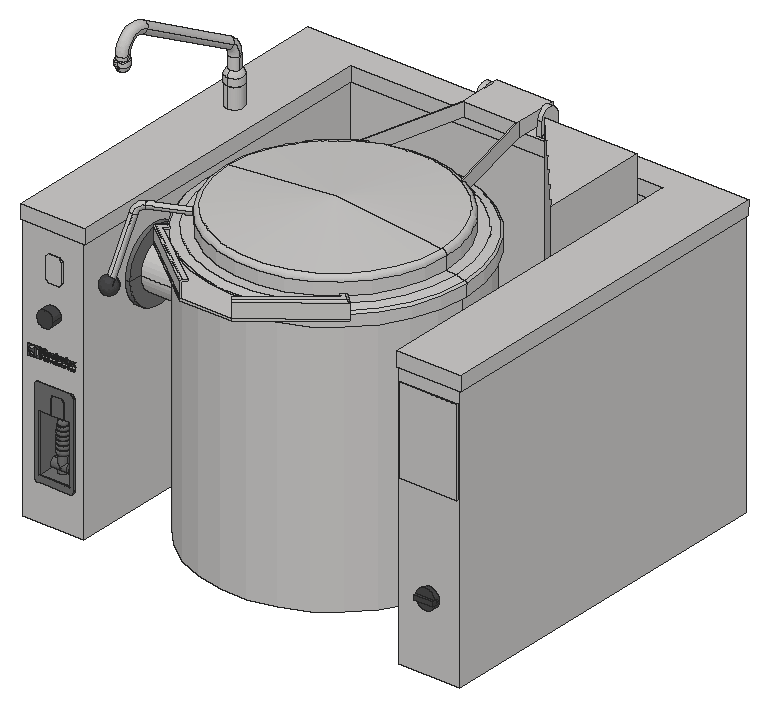
Revit family "QF_ELECTROLUXPROFESSIONAL_586914_PBOT06GCCS", category Specialty Equipment, Revit 2018 (continued)
Automatic sketch dimensions
  Extrusion 25 sketch curve to Extrusion 25 sketch curve = 0.297 mm  (x2)
  Extrusion 25 sketch curve to Extrusion 25 sketch curve = 2.359 mm
  Extrusion 25 sketch curve to Extrusion 25 sketch curve = 0.839 mm
  Extrusion 25 sketch curve to Extrusion 25 sketch curve = 0.892 mm  (x2)
  Extrusion 25 sketch curve to Extrusion 25 sketch curve = 0.563 mm
  Extrusion 25 sketch curve to Extrusion 25 sketch curve = 1.037 mm
  Extrusion 25 sketch curve to Extrusion 25 sketch curve = 0.531 mm  (x2)
  Extrusion 25 sketch curve to Extrusion 25 sketch curve = 0.068 mm  (x2)
  Extrusion 25 sketch curve to Extrusion 25 sketch curve = 0.203 mm
  Extrusion 25 sketch curve to Extrusion 25 sketch curve = 0.107 mm  (x2)
  Extrusion 25 sketch curve to Extrusion 25 sketch curve = 1.305 mm
  Extrusion 25 sketch curve to Extrusion 25 sketch curve = 1.058 mm
  Extrusion 25 sketch curve to Extrusion 25 sketch curve = 0.365 mm
  Extrusion 25 sketch curve to Extrusion 25 sketch curve = 0.15 mm  (x2)
  Extrusion 25 sketch curve to Extrusion 25 sketch curve = 0.475 mm
  Extrusion 25 sketch curve to Extrusion 25 sketch curve = 0.292 mm
  Extrusion 25 sketch curve to Extrusion 25 sketch curve = 0.434 mm  (x2)
  Extrusion 25 sketch curve to Extrusion 25 sketch curve = 0.385 mm  (x2)
  Extrusion 25 sketch curve to Extrusion 25 sketch curve = 2.117 mm
  Extrusion 25 sketch curve to Extrusion 25 sketch curve = 0.295 mm  (x2)
  Extrusion 25 sketch curve to Extrusion 25 sketch curve = 0.968 mm
  Extrusion 25 sketch curve to Extrusion 25 sketch curve = 3.826 mm
  Extrusion 25 sketch curve to Extrusion 25 sketch curve = 1.018 mm  (x2)
  Extrusion 25 sketch curve to Extrusion 25 sketch curve = 4.718 mm
  Extrusion 25 sketch curve to Extrusion 25 sketch curve = 2.967 mm
  Extrusion 25 sketch curve to Extrusion 25 sketch curve = 1.662 mm
  Extrusion 25 sketch curve to Extrusion 25 sketch curve = 1.626 mm  (x3)
  Extrusion 25 sketch curve to Extrusion 25 sketch curve = 1.65 mm
  Extrusion 25 sketch curve to Extrusion 25 sketch curve = 1.192 mm
  Extrusion 25 sketch curve to Extrusion 25 sketch curve = 2.57 mm  (x2)
  Extrusion 25 sketch curve to Extrusion 25 sketch curve = 3.444 mm  (x2)
  Extrusion 25 sketch curve to Extrusion 25 sketch curve = 1.343 mm  (x2)
  Extrusion 25 sketch curve to Extrusion 25 sketch curve = 1.353 mm  (x2)
  Extrusion 25 sketch curve to Extrusion 25 sketch curve = 0.027 mm  (x2)
  Extrusion 25 sketch curve to Extrusion 25 sketch curve = 0.395 mm  (x2)
  Extrusion 25 sketch curve to Extrusion 25 sketch curve = 0.329 mm  (x2)
  Extrusion 25 sketch curve to Extrusion 25 sketch curve = 0.425 mm  (x2)
  Extrusion 25 sketch curve to Extrusion 25 sketch curve = 0.051 mm  (x2)
  Extrusion 25 sketch curve to Extrusion 25 sketch curve = 0.495 mm  (x2)
  Extrusion 25 sketch curve to Extrusion 25 sketch curve = 0.267 mm  (x2)
  Extrusion 25 sketch curve to Extrusion 25 sketch curve = 1.4 mm
  Extrusion 25 sketch curve to Extrusion 25 sketch curve = 5.233 mm
  Extrusion 25 sketch curve to Extrusion 25 sketch curve = 2.062 mm
  plane 3 "LEFT" to Extrusion 26 sketch curve = 43.4 mm
  Extrusion 26 sketch curve to Extrusion 26 sketch curve = 82 mm
  Extrusion 26 sketch curve to plane 20 = 78.939 mm
  Extrusion 26 sketch curve to Extrusion 26 sketch curve = 195 mm
  radius of curve 43 = 25 mm
  radius of Extrusion 4 sketch curve = 10 mm
  radius of Extrusion 15 sketch curve = 25 mm
  radius of Extrusion 17 sketch curve = 20 mm
  radius of Extrusion 20 sketch curve = 6.35 mm  (x2)
  radius of Extrusion 20 sketch curve = 12.7 mm
  radius of Extrusion 25 sketch curve = 2.453 mm
  radius of Extrusion 25 sketch curve = 1.557 mm
  radius of Extrusion 25 sketch curve = 1.468 mm
  radius of Extrusion 25 sketch curve = 2.451 mm
Nested families
  nested 1: "Electrolux_Handle" at (303.162, -662.405, 8.398) x (0.9205, 0.3907, 0) z (0, 0, 1), type "Family1"
  nested 2: "QF_ELECTROLUXPROFESSIONAL_RubSprint" at (80, -230.346, 900), type "QF_ELECTROLUXPROFESSIONAL_RubSprint"
  nested 3: "QF_ELECTROLUXPROFESSIONAL_SprayGun" at (80.4, -737, 291.944), type "QF_ELECTROLUXPROFESSIONAL_SprayGun"
Connectors
  piping at (110.571, 100, 395), diameter 12.7
    settings: on Extrusion 20, index 1, connector inside diameter 1/2", connector length 0 mm, flow factor 0, pipe flow 0 GPM, pressure drop 0.00 psi, fitting loss kfactor 0, connector angle 0.00°, fixture units 0, engagement length 0 mm, angle of deflection 0.00°, flow configuration 1, flow direction 1, fitting loss method 0, system type 20, joint type 0, gender type 0, connector reference index -1, connector utility 0, adjustable connector no, is connector primary yes, connector description "Cold Water Supply"
  piping at (50, 100, 395), diameter 12.7
    settings: on Extrusion 20, index 2, connector inside diameter 1/2", connector length 0 mm, flow factor 0, pipe flow 0 GPM, pressure drop 0.00 psi, fitting loss kfactor 0, connector angle 0.00°, fixture units 0, engagement length 0 mm, angle of deflection 0.00°, flow configuration 1, flow direction 1, fitting loss method 0, system type 19, joint type 0, gender type 0, connector reference index -1, connector utility 0, adjustable connector no, is connector primary no, connector description "Hot Water Supply"
  electrical at (1020, 100, 450), driven by "Volts"
    settings: on Extrusion 4, index 3, voltage 230 V, apparent load 300 VA, apparent load phase1 0 VA, apparent load phase2 0 VA, apparent load phase3 0 VA, power factor 1, load classification "Other", number of poles 1, system type 30, power factor state 1, is connector primary yes, connector utility no, sub classification motor no, connector description "Electrical Connection"
  piping at (80.257, 100, 345), diameter 25.4
    settings: on Extrusion 20, index 4, connector inside diameter 1", connector length 0 mm, flow factor 0, pipe flow 0 GPM, pressure drop 0.00 psi, fitting loss kfactor 0, connector angle 0.00°, fixture units 0, engagement length 0 mm, angle of deflection 0.00°, flow configuration 1, flow direction 1, fitting loss method 0, system type 7, joint type 0, gender type 0, connector reference index -1, connector utility 0, adjustable connector no, is connector primary no, connector description "Gas Connection"
Definition of nested family "Electrolux_Handle"
  Parameters
    Assembly Code = ""
  Reference planes
    plane 1 "Center (Front/Back)": y = 0
    plane 2: z = 0
    plane 3 "Center (Left/Right)": x = 0
  Forms (mm)
    Sweep 1, solid
      path origin (0, -272.67, 40.751) x (1, 0, 0) y (0, 0.292372, 0.956305)
        loop
          line (16.511, 924.614) -> (-78.489, 924.614)
          arc (-78.489, 924.614) -> (-94.127, 919.229) -> (-103.135, 905.359) r 25.4
          line (-103.135, 905.359) -> (-140.724, 754.597)
      profile origin (-30.989, -2.339, 924.963) x (0, -0.292372, -0.956305) y (0, -0.956305, 0.292372)
        loop
          circle (0, 0) r 8
    Revolve 2, solid
      sketch origin (0, -272.67, 40.751) x (1, 0, 0) y (0, 0.292372, 0.956305)
        loop
          arc (-160.764, 759.594) -> (-145.72, 734.557) -> (-120.683, 749.601) r 20.654
          line (-120.683, 749.601) -> (-160.764, 759.594)
        axis (-120.683, 749.601) -> (-160.764, 759.594)
      angle from 0 to 360
  Lines and regions (mm)
    symbolic lines
      curve 1: line (16.511, 5.661, 0) -> (-87.322, 5.661, 0)
      curve 2: line (16.511, -9.989, 0) -> (-86.193, -9.989, 0)
      curve 3: line (-133.697, -56.773, 0) -> (-97.513, -15.149, 0)
      curve 4: line (-146.568, -45.584, 0) -> (-111.666, -5.433, 0)
      curve 5: arc (-135.59, -32.955, 0) -> (-154.333, -67.194, 0) -> (-122.78, -44.215, 0) r 20
      curve 6: arc (-146.568, -45.584, 0) -> (-145.727, -57.614, 0) -> (-133.697, -56.773, 0) r 8.527
      curve 7: arc (-87.322, 5.661, 0) -> (-100.698, 2.757, 0) -> (-111.666, -5.433, 0) r 32.256
      curve 8: arc (-86.193, -9.989, 0) -> (-92.413, -11.34, 0) -> (-97.513, -15.149, 0) r 15
  Dimensions and locks
    aligned and locked: level to plane 2
    aligned and locked: Revolve 2 sketch curve to Sweep 1  (x2)
    aligned and locked: curve 1 to Sweep 1
    aligned and locked: Sweep 1 to curve 2
Definition of nested family "QF_ELECTROLUXPROFESSIONAL_RubSprint"
  Reference planes
    plane 1 "Center (Front/Back)": y = 0
    plane 2: z = 0
    plane 3 "Center (Left/Right)": x = 0
  Forms (mm)
    Revolve 1, solid
      sketch origin (0, 0, 0) x (0, 1, 0) y (0, 0, 1)
        loop
          line (-21, 0) -> (0, 0) -> (0, 82.75) -> (-14.385, 82.75)
          arc (-14.385, 82.75) -> (-19.409, 76.68) -> (-22.385, 69.383) r 26
          line (-22.385, 69.383) -> (-22.385, 51.306) -> (-21, 50.388) -> (-21, 0)
        axis (0, 82.75) -> (0, 0)
      angle from 0 to 360
    Sweep 2, solid
      path origin (0, 0, 0) x (0, 1, 0) y (0, 0, 1)
        loop
          line (0, 82.75) -> (0, 113.75)
          arc (0, 113.75) -> (-5.44, 133.889) -> (-20.279, 148.551) r 40
          line (-20.279, 148.551) -> (-290.279, 301.55)
          arc (-290.279, 301.55) -> (-330.139, 301.31) -> (-349.999, 266.749) r 40
          line (-349.999, 266.749) -> (-349.999, 257.884)
      profile origin (0, 0, 98.25) x (0, -1, 0) y (1, 0, 0)
        loop
          circle (0, 0) r 13.5
    Revolve 3, solid
      sketch origin (0, 0, 0) x (0, 1, 0) y (0, 0, 1)
        loop
          line (-333.717, 244.264) -> (-333.717, 254.236)
          arc (-333.717, 254.236) -> (-334.434, 255.758) -> (-335.779, 256.77) r 3.5
          line (-335.779, 256.77) -> (-336.499, 257.884) -> (-349.999, 257.884) -> (-349.999, 233.05) -> (-339.2, 233.05)
          arc (-339.2, 233.05) -> (-338.052, 233.411) -> (-337.32, 234.365) r 2
          line (-337.32, 234.365) -> (-333.717, 244.264)
        axis (-349.999, 257.884) -> (-349.999, 233.05)
      angle from 0 to 360
  Lines and regions (mm)
    symbolic lines
      curve 1: arc (-13.5, -17.856, 0) -> (0, 22.385, 0) -> (13.5, -17.856, 0) r 22.385
      curve 2: arc (-13.5, 0, 0) -> (0, 13.5, 0) -> (13.5, 0, 0) r 13.5
      curve 3: arc (-13.5, -349.999, 0) -> (0, -363.499, 0) -> (13.5, -349.999, 0) r 13.5
      curve 4: arc (-13.5, -340.897, 0) -> (0, -366.281, 0) -> (13.5, -340.897, 0) r 16.282
      curve 5: line (13.5, -349.999, 0) -> (13.5, 0, 0)
      curve 6: line (-13.5, -349.999, 0) -> (-13.5, 0, 0)
  Dimensions and locks
    aligned and locked: level to plane 2
Definition of nested family "QF_ELECTROLUXPROFESSIONAL_SprayGun"
  Reference planes
    plane 1 "Center (Front/Back)": y = 0
    plane 2: z = 0
    plane 3 "SGy": x = 13
    plane 4 "AxeZ": y = -45
    plane 5 "Center (Left/Right)": x = 4
    plane 6 "Center (Top/Right)": z = 112.5
  Forms (mm)
    Revolve 1, solid
      sketch origin (0, -45, 0) x (0, 0, 1) y (-1, 0, 0)
        loop
          line (73.98, -1.423) -> (33.98, -1.423) -> (33.98, -13) -> (151.7, -13) -> (151.7, -4.362)
          arc (151.7, -4.362) -> (147.093, -1.396) -> (141.64, -1.926) r 8.345
          arc (141.64, -1.926) -> (140.226, -2.024) -> (139.103, -1.16) r 2
          arc (139.103, -1.16) -> (138.832, -0.814) -> (138.493, -0.536) r 2
          arc (138.493, -0.536) -> (134.77, 0.557) -> (131.061, -0.581) r 6.745
          arc (131.061, -0.581) -> (129.812, -0.914) -> (128.62, -0.414) r 2
          arc (128.62, -0.414) -> (124.347, 1.338) -> (119.917, 0.035) r 6.972
          arc (119.917, 0.035) -> (118.79, -0.341) -> (117.648, -0.011) r 2
          arc (117.648, -0.011) -> (113.81, 1.188) -> (109.921, 0.166) r 7.275
          arc (109.921, 0.166) -> (108.725, -0.109) -> (107.594, 0.367) r 2
          arc (107.594, 0.367) -> (103.55, 1.928) -> (99.427, 0.587) r 6.475
          arc (99.427, 0.587) -> (98.262, 0.173) -> (97.076, 0.524) r 2
          arc (97.076, 0.524) -> (92.711, 1.941) -> (88.277, 0.758) r 8.094
          arc (88.277, 0.758) -> (87.212, 0.464) -> (86.153, 0.781) r 2
          arc (86.153, 0.781) -> (79.633, 2.075) -> (73.98, -1.423) r 9.075
        axis (151.7, -13) -> (33.98, -13)
      angle from 0 to 360
    Revolve 2, solid
      sketch origin (0, -45, 0) x (0, 0, 1) y (-1, 0, 0)
        loop
          line (47.58, 11.558) -> (40.98, 11.558) -> (40.98, 9.577) -> (35.98, 9.577) -> (35.98, -30.423) -> (40.98, -30.423) -> (40.98, -35.423) -> (47.58, -35.423) -> (47.58, 11.558)
        axis (47.58, 11.558) -> (47.58, -35.423)
      angle from 0 to 360
    Extrusion 3, solid
      sketch origin (0, -45, 0) x (1, 0, 0) y (0, 1, 0)
        loop
          line (21.638, 0) -> (17.319, 7.481) -> (8.681, 7.481) -> (4.362, 0) -> (8.681, -7.481) -> (17.319, -7.481) -> (21.638, 0)
      from 151.7 to 160.974
    Extrusion 4, solid
      sketch origin (0, 0, 0) x (1, 0, 0) y (0, 0, 1)
        loop
          arc (-45, 10) -> (-42.071, 2.929) -> (-35, 0) r 10
          line (-35, 0) -> (43, 0)
          arc (43, 0) -> (50.071, 2.929) -> (53, 10) r 10
          line (53, 10) -> (53, 215)
          arc (53, 215) -> (50.071, 222.071) -> (43, 225) r 10
          line (43, 225) -> (-35, 225)
          arc (-35, 225) -> (-42.071, 222.071) -> (-45, 215) r 10
          line (-45, 215) -> (-45, 10)
        loop
          line (-35, 162) -> (-35, 16) -> (43, 16) -> (43, 162) -> (29, 162) -> (29, 199)
          arc (29, 199) -> (26.657, 204.657) -> (21, 207) r 8
          line (21, 207) -> (5, 207)
          arc (5, 207) -> (-0.657, 204.657) -> (-3, 199) r 8
          line (-3, 199) -> (-3, 162) -> (-35, 162)
      from 63 to 60
    Extrusion 5, solid
      sketch origin (0, 0, 0) x (1, 0, 0) y (0, 0, 1)
        loop
          line (-35, 16) -> (43, 16) -> (43, 162) -> (29, 162) -> (29, 199)
          arc (29, 199) -> (26.657, 204.657) -> (21, 207) r 8
          line (21, 207) -> (5, 207)
          arc (5, 207) -> (-0.657, 204.657) -> (-3, 199) r 8
          line (-3, 199) -> (-3, 162) -> (-35, 162) -> (-35, 16)
        loop
          line (31, 164) -> (31, 199)
          arc (31, 199) -> (28.071, 206.071) -> (21, 209) r 10
          line (21, 209) -> (5, 209)
          arc (5, 209) -> (-2.071, 206.071) -> (-5, 199) r 10
          line (-5, 199) -> (-5, 164) -> (-37, 164) -> (-37, 14) -> (45, 14) -> (45, 164) -> (31, 164)
      from 0 to 60
    Extrusion 6, solid
      sketch origin (0, 0, 0) x (1, 0, 0) y (0, 0, 1)
        loop
          line (-37, 164) -> (-37, 14) -> (45, 14) -> (45, 164) -> (-37, 164)
      from 6 to 0
    Extrusion 7, solid
      sketch origin (0, 0, 0) x (1, 0, 0) y (0, 0, 1)
        loop
          line (28, 160.974) -> (28, 198)
          arc (28, 198) -> (25.657, 203.657) -> (20, 206) r 8
          line (20, 206) -> (6, 206)
          arc (6, 206) -> (0.343, 203.657) -> (-2, 198) r 8
          line (-2, 198) -> (-2, 160.974) -> (28, 160.974)
      from 0 to 63
  Dimensions and locks
    equal spacing: Extrusion 4, plane 5 "Center (Left/Right)", Extrusion 4
    Extrusion 4 to Extrusion 4 = 225 mm
    Extrusion 4 to Extrusion 4 = 98 mm
    aligned and locked: level to plane 2
  Automatic sketch dimensions
    plane 3 "SGy" to Revolve 1 sketch curve = 0 mm  (x2)
    plane 5 "Center (Left/Right)" to Revolve 1 sketch curve = 2.577 mm
    level to Revolve 1 sketch curve = 33.98 mm
    Revolve 1 sketch curve to Revolve 1 sketch curve = 40 mm
    Revolve 1 sketch curve to plane 5 "Center (Left/Right)" = 2.854 mm
    Revolve 1 sketch curve to Revolve 1 sketch curve = 7.27 mm
    Revolve 1 sketch curve to Revolve 1 sketch curve = 5.984 mm
    Revolve 1 sketch curve to plane 5 "Center (Left/Right)" = 2.15 mm
    Revolve 1 sketch curve to Revolve 1 sketch curve = 5.262 mm
    Revolve 1 sketch curve to Revolve 1 sketch curve = 5.712 mm
    Revolve 1 sketch curve to plane 5 "Center (Left/Right)" = 0.545 mm
    Revolve 1 sketch curve to Revolve 1 sketch curve = 5.167 mm
    Revolve 1 sketch curve to Revolve 1 sketch curve = 5.522 mm
    Revolve 1 sketch curve to plane 5 "Center (Left/Right)" = 2.085 mm
    Revolve 1 sketch curve to Revolve 1 sketch curve = 4.746 mm
    Revolve 1 sketch curve to Revolve 1 sketch curve = 5.106 mm
    Revolve 1 sketch curve to plane 5 "Center (Left/Right)" = 1.624 mm
    Revolve 1 sketch curve to Revolve 1 sketch curve = 5.239 mm
    Revolve 1 sketch curve to Revolve 1 sketch curve = 5.96 mm
    Revolve 1 sketch curve to plane 5 "Center (Left/Right)" = 2.187 mm
    Revolve 1 sketch curve to Revolve 1 sketch curve = 4.862 mm
    plane 5 "Center (Left/Right)" to Revolve 1 sketch curve = 1.788 mm
    Revolve 1 sketch curve to Revolve 1 sketch curve = 2.59 mm
    Revolve 1 sketch curve to Revolve 1 sketch curve = 3.403 mm
    plane 3 "SGy" to Revolve 1 sketch curve = 3.493 mm
    Revolve 1 sketch curve to Revolve 1 sketch curve = 4.325 mm
    Revolve 1 sketch curve to Revolve 1 sketch curve = 6.57 mm
    Revolve 1 sketch curve to plane 5 "Center (Left/Right)" = 0.362 mm
    plane 5 "Center (Left/Right)" to Revolve 1 sketch curve = 3.891 mm
    plane 5 "Center (Left/Right)" to Revolve 1 sketch curve = 5.081 mm
    plane 5 "Center (Left/Right)" to Revolve 1 sketch curve = 5.658 mm
    plane 5 "Center (Left/Right)" to Revolve 1 sketch curve = 5.884 mm
    plane 5 "Center (Left/Right)" to Revolve 1 sketch curve = 6.173 mm
    plane 5 "Center (Left/Right)" to Revolve 1 sketch curve = 6.464 mm
    Revolve 1 sketch curve to Revolve 1 sketch curve = 7.72 mm
    Revolve 1 sketch curve to Revolve 1 sketch curve = 0 mm  (x12)
    Revolve 1 sketch curve to Revolve 1 sketch curve = 1.57 mm
    Revolve 2 sketch curve to plane 3 "SGy" = 17.423 mm
    level to Revolve 2 sketch curve = 35.98 mm
    Revolve 2 sketch curve to Revolve 2 sketch curve = 5 mm  (x3)
    Revolve 2 sketch curve to Revolve 2 sketch curve = 6.6 mm
    plane 5 "Center (Left/Right)" to Revolve 2 sketch curve = 13.577 mm
    Revolve 2 sketch curve to Revolve 2 sketch curve = 1.981 mm
    Revolve 2 sketch curve to Revolve 2 sketch curve = 0 mm  (x2)
    Revolve 2 sketch curve to Revolve 2 sketch curve = 4.326 mm
    plane 4 "AxeZ" to Extrusion 3 sketch curve = 0 mm  (x2)
    Extrusion 3 sketch curve to plane 5 "Center (Left/Right)" = 0.362 mm
    plane 3 "SGy" to Extrusion 3 sketch curve = 4.319 mm  (x2)
    Extrusion 3 sketch curve to plane 3 "SGy" = 4.319 mm  (x2)
    Extrusion 3 sketch curve to Extrusion 3 sketch curve = 4.319 mm
    plane 4 "AxeZ" to Extrusion 3 sketch curve = 7.481 mm
    Extrusion 3 sketch curve to plane 4 "AxeZ" = 7.481 mm
    Extrusion 4 sketch curve to level = 0 mm
    level to Extrusion 4 sketch curve = 10 mm
    plane 5 "Center (Left/Right)" to Extrusion 4 sketch curve = 49 mm
    Extrusion 4 sketch curve to Extrusion 4 sketch curve = 10 mm  (x2)
    Extrusion 4 sketch curve to Extrusion 4 sketch curve = 0 mm  (x3)
    plane 5 "Center (Left/Right)" to Extrusion 4 sketch curve = 7 mm
    Extrusion 4 sketch curve to plane 5 "Center (Left/Right)" = 1 mm
    Extrusion 4 sketch curve to plane 3 "SGy" = 8 mm
    Extrusion 4 sketch curve to plane 3 "SGy" = 16 mm
    Extrusion 4 sketch curve to Extrusion 4 sketch curve = 14 mm  (x2)
    Extrusion 4 sketch curve to Extrusion 4 sketch curve = 6 mm
    Extrusion 4 sketch curve to Extrusion 4 sketch curve = 146 mm
    Extrusion 4 sketch curve to Extrusion 4 sketch curve = 37 mm
    Extrusion 4 sketch curve to Extrusion 4 sketch curve = 16 mm
    Extrusion 5 sketch curve to Extrusion 5 sketch curve = 0 mm  (x5)
    level to Extrusion 5 sketch curve = 14 mm
    plane 5 "Center (Left/Right)" to Extrusion 5 sketch curve = 41 mm
    Extrusion 5 sketch curve to Extrusion 5 sketch curve = 2 mm  (x6)
    plane 5 "Center (Left/Right)" to Extrusion 5 sketch curve = 9 mm
    Extrusion 5 sketch curve to plane 5 "Center (Left/Right)" = 1 mm
    Extrusion 5 sketch curve to plane 3 "SGy" = 8 mm
    Extrusion 5 sketch curve to Extrusion 5 sketch curve = 8 mm
    Extrusion 5 sketch curve to plane 3 "SGy" = 30 mm
    Extrusion 5 sketch curve to Extrusion 5 sketch curve = 146 mm
    Extrusion 5 sketch curve to Extrusion 5 sketch curve = 35 mm
    level to Extrusion 6 sketch curve = 14 mm
    plane 5 "Center (Left/Right)" to Extrusion 6 sketch curve = 41 mm
    Extrusion 6 sketch curve to plane 3 "SGy" = 32 mm
    Extrusion 6 sketch curve to Extrusion 6 sketch curve = 150 mm
    plane 5 "Center (Left/Right)" to Extrusion 7 sketch curve = 6 mm
    Extrusion 7 sketch curve to plane 5 "Center (Left/Right)" = 2 mm
    Extrusion 7 sketch curve to plane 3 "SGy" = 7 mm
    Extrusion 7 sketch curve to plane 3 "SGy" = 15 mm
    level to Extrusion 7 sketch curve = 160.974 mm
    Extrusion 7 sketch curve to Extrusion 7 sketch curve = 37.026 mm
